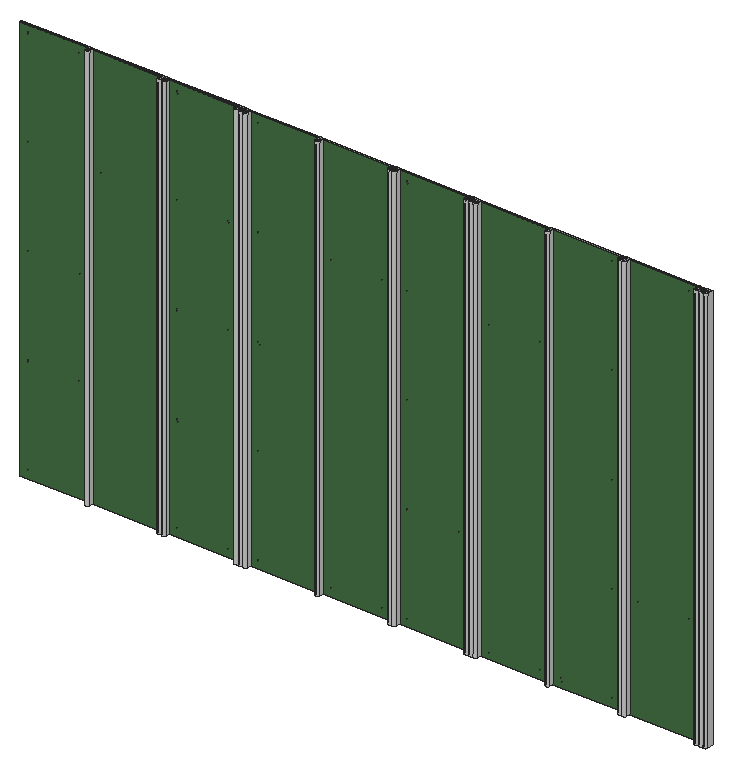
Revit family "SUR-FPG-023_RFA", category Modelos genéricos, Revit 2022 (continued)
Forms (in)
  Extrusion 160, solid, not visible
    sketch origin (142.53615, 0, 0) x (1, 0, 0) y (0, 1, 0)
      loop
        line (19.1811, 0.59055) -> (19.1811, 2) -> (19.06299, 2) -> (19.06299, 0.59055)
        arc (19.06299, 0.59055) -> (18.59055, 0.11811) -> (18.11811, 0.59055) r 0.47244
        line (18.11811, 0.59055) -> (18.11811, 2) -> (18, 2)
    from 0 to 108
  Extrusion 161, solid, not visible
    sketch origin (161.71725, 0, 0) x (1, 0, 0) y (0, 0, 1)
      loop
        line (0, 108) -> (0, 0) -> (18, 0) -> (18, 108) -> (0, 108)
      loop
        circle (16.08964, 2.00678) r 0.5
      loop
        circle (2.49566, 2.00678) r 0.5
      loop
        circle (16.08964, 28.00678) r 0.5
      loop
        circle (2.49566, 28.00678) r 0.5
      loop
        circle (16.08964, 54.00678) r 0.5
      loop
        circle (2.49566, 54.00678) r 0.5
      loop
        circle (16.08964, 80.00678) r 0.5
      loop
        circle (2.49566, 80.00678) r 0.5
      loop
        circle (16.08964, 106.00678) r 0.5
      loop
        circle (2.49566, 106.00678) r 0.5
    from -2 to -1.52756
  Extrusion 162, solid, not visible
    sketch origin (161.71725, 0, 0) x (1, 0, 0) y (0, 0, 1)
      loop
        line (0, 108) -> (0, 0) -> (18, 0) -> (18, 108) -> (0, 108)
    from -1.52756 to -1.40945
  Extrusion 163, solid, not visible
    sketch origin (161.71725, 0, 0) x (1, 0, 0) y (0, 0, 1)
      loop
        line (18.59055, 0) -> (18.59055, 108) -> (18.11811, 108) -> (18.11811, 0) -> (18.59055, 0)
    from -2 to -0.59055
  Extrusion 164, solid, not visible
    sketch origin (162.18969, 0, 0) x (1, 0, 0) y (0, 0, 1)
      loop
        line (18.59055, 0) -> (18.59055, 108) -> (18.11811, 108) -> (18.11811, 0) -> (18.59055, 0)
    from -2 to -0.59055
  Extrusion 165, solid, not visible
    sketch origin (161.71725, 0, 0) x (1, 0, 0) y (0, 1, 0)
      loop
        line (18, 2) -> (18, 0.59055)
        arc (18, 0.59055) -> (18.59055, 0) -> (19.1811, 0.59055) r 0.59055
        line (19.1811, 0.59055) -> (19.1811, 2) -> (19.06299, 2) -> (19.06299, 0.59055)
        arc (19.06299, 0.59055) -> (18.59055, 0.11811) -> (18.11811, 0.59055) r 0.47244
        line (18.11811, 0.59055) -> (18.11811, 2) -> (18, 2)
    from 0 to 108
  Extrusion 166, solid, not visible
    sketch origin (162.8983, 0, 0) x (1, 0, 0) y (0, 0, 1)
      loop
        line (18.59055, 0) -> (18.59055, 108) -> (18.11811, 108) -> (18.11811, 0) -> (18.59055, 0)
    from -2 to -0.59055
  Extrusion 167, solid, not visible
    sketch origin (163.37074, 0, 0) x (1, 0, 0) y (0, 0, 1)
      loop
        line (18.59055, 0) -> (18.59055, 108) -> (18.11811, 108) -> (18.11811, 0) -> (18.59055, 0)
    from -2 to -0.59055
  Extrusion 168, solid, not visible
    sketch origin (162.8983, 0, 0) x (1, 0, 0) y (0, 1, 0)
      loop
        line (18, 2) -> (18, 0.59055)
        arc (18, 0.59055) -> (18.59055, 0) -> (19.1811, 0.59055) r 0.59055
        line (19.1811, 0.59055) -> (19.1811, 2) -> (19.06299, 2) -> (19.06299, 0.59055)
        arc (19.06299, 0.59055) -> (18.59055, 0.11811) -> (18.11811, 0.59055) r 0.47244
        line (18.11811, 0.59055) -> (18.11811, 2) -> (18, 2)
    from 0 to 108
  Extrusion 169, solid, not visible
    sketch origin (164.0794, 0, 0) x (1, 0, 0) y (0, 0, 1)
      loop
        line (18.59055, 0) -> (18.59055, 108) -> (18.11811, 108) -> (18.11811, 0) -> (18.59055, 0)
    from -2 to -0.59055
  Extrusion 170, solid, not visible
    sketch origin (164.55184, 0, 0) x (1, 0, 0) y (0, 0, 1)
      loop
        line (18.59055, 0) -> (18.59055, 108) -> (18.11811, 108) -> (18.11811, 0) -> (18.59055, 0)
    from -2 to -0.59055
  Extrusion 171, solid, not visible
    sketch origin (164.0794, 0, 0) x (1, 0, 0) y (0, 1, 0)
      loop
        line (18, 2) -> (18, 0.59055)
        arc (18, 0.59055) -> (18.59055, 0) -> (19.1811, 0.59055) r 0.59055
        line (19.1811, 0.59055) -> (19.1811, 2) -> (19.06299, 2) -> (19.06299, 0.59055)
        arc (19.06299, 0.59055) -> (18.59055, 0.11811) -> (18.11811, 0.59055) r 0.47244
        line (18.11811, 0.59055) -> (18.11811, 2) -> (18, 2)
    from 0 to 108
Dimensions and locks (in)
  Extrusion 3 to Extrusion 5 = 1.06299"
  aligned and locked: level to plane 2
